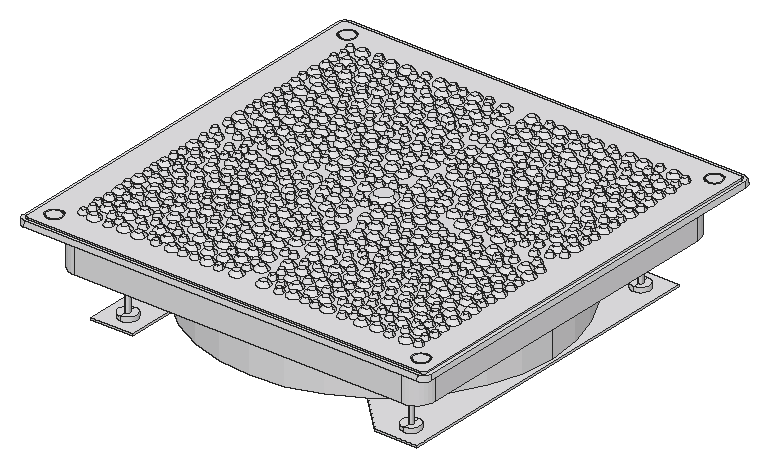
Revit family "Shower-Rainhead-KOHLER-REAL_RAIN-76728GL_1", category Plumbing Fixtures, host Face, Revit 2017 (continued)
Definition of nested family "76728GL"
  Forms (in)
    Blend 668, solid, detail levels medium+fine
      top sketch origin (3.20348, 2.40284, 0) x (1, 0, 0) y (0, 1, 0)
        loop
          circle (-7.85379, -7.80181) r 0.11854
      from 4.48819 to 4.64961
    Blend 669, solid, detail levels medium+fine
      base sketch origin (0.02641, 3.75143, 0) x (1, 0, 0) y (0, 1, 0)
        loop
          circle (-7.85379, -7.80181) r 0.19685
      top sketch origin (0.02641, 3.75143, 0) x (1, 0, 0) y (0, 1, 0)
        loop
          circle (-7.85379, -7.80181) r 0.11854
      from 4.48819 to 4.64961
    Blend 670, solid, detail levels medium+fine
      base sketch origin (-0.03152, 4.19496, 0) x (1, 0, 0) y (0, 1, 0)
        loop
          circle (-7.85379, -7.80181) r 0.19685
      top sketch origin (-0.03152, 4.19496, 0) x (1, 0, 0) y (0, 1, 0)
        loop
          circle (-7.85379, -7.80181) r 0.11854
      from 4.48819 to 4.64961
    Blend 671, solid, detail levels medium+fine
      base sketch origin (1.1112, 3.59888, 0) x (1, 0, 0) y (0, 1, 0)
        loop
          circle (-7.85379, -7.80181) r 0.19685
      top sketch origin (1.1112, 3.59888, 0) x (1, 0, 0) y (0, 1, 0)
        loop
          circle (-7.85379, -7.80181) r 0.11854
      from 4.48819 to 4.64961
    Blend 672, solid, detail levels medium+fine
      base sketch origin (1.374, 4.05406, 0) x (1, 0, 0) y (0, 1, 0)
        loop
          circle (-7.85379, -7.80181) r 0.19685
      top sketch origin (1.374, 4.05406, 0) x (1, 0, 0) y (0, 1, 0)
        loop
          circle (-7.85379, -7.80181) r 0.11854
      from 4.48819 to 4.64961
    Blend 673, solid, detail levels medium+fine
      base sketch origin (0.4834, 4.14767, 0) x (1, 0, 0) y (0, 1, 0)
        loop
          circle (-7.85379, -7.80181) r 0.19685
      top sketch origin (0.4834, 4.14767, 0) x (1, 0, 0) y (0, 1, 0)
        loop
          circle (-7.85379, -7.80181) r 0.11854
      from 4.48819 to 4.64961
    Blend 674, solid, detail levels medium+fine
      base sketch origin (1.88767, 4.44616, 0) x (1, 0, 0) y (0, 1, 0)
        loop
          circle (-7.85379, -7.80181) r 0.19685
      top sketch origin (1.88767, 4.44616, 0) x (1, 0, 0) y (0, 1, 0)
        loop
          circle (-7.85379, -7.80181) r 0.11854
      from 4.48819 to 4.64961
    Blend 675, solid, detail levels medium+fine
      base sketch origin (2.41602, 3.45247, 0) x (1, 0, 0) y (0, 1, 0)
        loop
          circle (-7.85379, -7.80181) r 0.19685
      top sketch origin (2.41602, 3.45247, 0) x (1, 0, 0) y (0, 1, 0)
        loop
          circle (-7.85379, -7.80181) r 0.11854
      from 4.48819 to 4.64961
    Blend 676, solid, detail levels medium+fine
      base sketch origin (2.75148, 3.87182, 0) x (1, 0, 0) y (0, 1, 0)
        loop
          circle (-7.85379, -7.80181) r 0.19685
      top sketch origin (2.75148, 3.87182, 0) x (1, 0, 0) y (0, 1, 0)
        loop
          circle (-7.85379, -7.80181) r 0.11854
      from 4.48819 to 4.64961
    Blend 677, solid, detail levels medium+fine
      base sketch origin (3.00528, 3.49882, 0) x (1, 0, 0) y (0, 1, 0)
        loop
          circle (-7.85379, -7.80181) r 0.19685
      top sketch origin (3.00528, 3.49882, 0) x (1, 0, 0) y (0, 1, 0)
        loop
          circle (-7.85379, -7.80181) r 0.11854
      from 4.48819 to 4.64961
    Blend 678, solid, detail levels medium+fine
      base sketch origin (3.70678, 3.43744, 0) x (1, 0, 0) y (0, 1, 0)
        loop
          circle (-7.85379, -7.80181) r 0.19685
      top sketch origin (3.70678, 3.43744, 0) x (1, 0, 0) y (0, 1, 0)
        loop
          circle (-7.85379, -7.80181) r 0.11854
      from 4.48819 to 4.64961
    Blend 679, solid, detail levels medium+fine
      base sketch origin (3.60389, 4.4163, 0) x (1, 0, 0) y (0, 1, 0)
        loop
          circle (-7.85379, -7.80181) r 0.19685
      top sketch origin (3.60389, 4.4163, 0) x (1, 0, 0) y (0, 1, 0)
        loop
          circle (-7.85379, -7.80181) r 0.11854
      from 4.48819 to 4.64961
    Blend 680, solid, detail levels medium+fine
      base sketch origin (0.59627, 4.78559, 0) x (1, 0, 0) y (0, 1, 0)
        loop
          circle (-7.85379, -7.80181) r 0.19685
      top sketch origin (0.59627, 4.78559, 0) x (1, 0, 0) y (0, 1, 0)
        loop
          circle (-7.85379, -7.80181) r 0.11854
      from 4.48819 to 4.64961
    Blend 681, solid, detail levels medium+fine
      base sketch origin (0.99196, 5.13207, 0) x (1, 0, 0) y (0, 1, 0)
        loop
          circle (-7.85379, -7.80181) r 0.19685
      top sketch origin (0.99196, 5.13207, 0) x (1, 0, 0) y (0, 1, 0)
        loop
          circle (-7.85379, -7.80181) r 0.11854
      from 4.48819 to 4.64961
    Blend 682, solid, detail levels medium+fine
      base sketch origin (0.40281, 5.20607, 0) x (1, 0, 0) y (0, 1, 0)
        loop
          circle (-7.85379, -7.80181) r 0.19685
      top sketch origin (0.40281, 5.20607, 0) x (1, 0, 0) y (0, 1, 0)
        loop
          circle (-7.85379, -7.80181) r 0.11854
      from 4.48819 to 4.64961
    Blend 683, solid, detail levels medium+fine
      base sketch origin (-0.04951, 5.35304, 0) x (1, 0, 0) y (0, 1, 0)
        loop
          circle (-7.85379, -7.80181) r 0.19685
      top sketch origin (-0.04951, 5.35304, 0) x (1, 0, 0) y (0, 1, 0)
        loop
          circle (-7.85379, -7.80181) r 0.11854
      from 4.48819 to 4.64961
    Blend 684, solid, detail levels medium+fine
      base sketch origin (0.00028, 5.82677, 0) x (1, 0, 0) y (0, 1, 0)
        loop
          circle (-7.85379, -7.80181) r 0.19685
      top sketch origin (0.00028, 5.82677, 0) x (1, 0, 0) y (0, 1, 0)
        loop
          circle (-7.85379, -7.80181) r 0.11854
      from 4.48819 to 4.64961
    Blend 685, solid, detail levels medium+fine
      base sketch origin (2.05966, 5.15764, 0) x (1, 0, 0) y (0, 1, 0)
        loop
          circle (-7.85379, -7.80181) r 0.19685
      top sketch origin (2.05966, 5.15764, 0) x (1, 0, 0) y (0, 1, 0)
        loop
          circle (-7.85379, -7.80181) r 0.11854
      from 4.48819 to 4.64961
    Blend 686, solid, detail levels medium+fine
      base sketch origin (2.77067, 5.89326, 0) x (1, 0, 0) y (0, 1, 0)
        loop
          circle (-7.85379, -7.80181) r 0.19685
      top sketch origin (2.77067, 5.89326, 0) x (1, 0, 0) y (0, 1, 0)
        loop
          circle (-7.85379, -7.80181) r 0.11854
      from 4.48819 to 4.64961
    Blend 687, solid, detail levels medium+fine
      base sketch origin (1.32569, 5.98286, 0) x (1, 0, 0) y (0, 1, 0)
        loop
          circle (-7.85379, -7.80181) r 0.19685
      top sketch origin (1.32569, 5.98286, 0) x (1, 0, 0) y (0, 1, 0)
        loop
          circle (-7.85379, -7.80181) r 0.11854
      from 4.48819 to 4.64961
    Blend 688, solid, detail levels medium+fine
      base sketch origin (0.42388, 6.04678, 0) x (1, 0, 0) y (0, 1, 0)
        loop
          circle (-7.85379, -7.80181) r 0.19685
      top sketch origin (0.42388, 6.04678, 0) x (1, 0, 0) y (0, 1, 0)
        loop
          circle (-7.85379, -7.80181) r 0.11854
      from 4.48819 to 4.64961
    Blend 689, solid, detail levels medium+fine
      base sketch origin (1.43404, 6.50201, 0) x (1, 0, 0) y (0, 1, 0)
        loop
          circle (-7.85379, -7.80181) r 0.19685
      top sketch origin (1.43404, 6.50201, 0) x (1, 0, 0) y (0, 1, 0)
        loop
          circle (-7.85379, -7.80181) r 0.11854
      from 4.48819 to 4.64961
    Blend 690, solid, detail levels medium+fine
      base sketch origin (1.76504, 6.833, 0) x (1, 0, 0) y (0, 1, 0)
        loop
          circle (-7.85379, -7.80181) r 0.19685
      top sketch origin (1.76504, 6.833, 0) x (1, 0, 0) y (0, 1, 0)
        loop
          circle (-7.85379, -7.80181) r 0.11854
      from 4.48819 to 4.64961
    Blend 691, solid, detail levels medium+fine
      base sketch origin (2.44141, 6.47587, 0) x (1, 0, 0) y (0, 1, 0)
        loop
          circle (-7.85379, -7.80181) r 0.19685
      top sketch origin (2.44141, 6.47587, 0) x (1, 0, 0) y (0, 1, 0)
        loop
          circle (-7.85379, -7.80181) r 0.11854
      from 4.48819 to 4.64961
    Blend 692, solid, detail levels medium+fine
      base sketch origin (2.85861, 6.34937, 0) x (1, 0, 0) y (0, 1, 0)
        loop
          circle (-7.85379, -7.80181) r 0.19685
      top sketch origin (2.85861, 6.34937, 0) x (1, 0, 0) y (0, 1, 0)
        loop
          circle (-7.85379, -7.80181) r 0.11854
      from 4.48819 to 4.64961
    Blend 693, solid, detail levels medium+fine
      base sketch origin (-0.03972, 7.08804, 0) x (1, 0, 0) y (0, 1, 0)
        loop
          circle (-7.85379, -7.80181) r 0.19685
      top sketch origin (-0.03972, 7.08804, 0) x (1, 0, 0) y (0, 1, 0)
        loop
          circle (-7.85379, -7.80181) r 0.11854
      from 4.48819 to 4.64961
    Blend 694, solid, detail levels medium+fine
      base sketch origin (0.38075, 7.44085, 0) x (1, 0, 0) y (0, 1, 0)
        loop
          circle (-7.85379, -7.80181) r 0.19685
      top sketch origin (0.38075, 7.44085, 0) x (1, 0, 0) y (0, 1, 0)
        loop
          circle (-7.85379, -7.80181) r 0.11854
      from 4.48819 to 4.64961
    Blend 695, solid, detail levels medium+fine
      base sketch origin (1.6519, 7.32964, 0) x (1, 0, 0) y (0, 1, 0)
        loop
          circle (-7.85379, -7.80181) r 0.19685
      top sketch origin (1.6519, 7.32964, 0) x (1, 0, 0) y (0, 1, 0)
        loop
          circle (-7.85379, -7.80181) r 0.11854
      from 4.48819 to 4.64961
    Blend 696, solid, detail levels medium+fine
      base sketch origin (3.12586, 7.37077, 0) x (1, 0, 0) y (0, 1, 0)
        loop
          circle (-7.85379, -7.80181) r 0.19685
      top sketch origin (3.12586, 7.37077, 0) x (1, 0, 0) y (0, 1, 0)
        loop
          circle (-7.85379, -7.80181) r 0.11854
      from 4.48819 to 4.64961
    Blend 697, solid, detail levels medium+fine
      base sketch origin (4.45686, 7.01413, 0) x (1, 0, 0) y (0, 1, 0)
        loop
          circle (-7.85379, -7.80181) r 0.19685
      top sketch origin (4.45686, 7.01413, 0) x (1, 0, 0) y (0, 1, 0)
        loop
          circle (-7.85379, -7.80181) r 0.11854
      from 4.48819 to 4.64961
    Blend 698, solid, detail levels medium+fine
      base sketch origin (3.94595, 6.87723, 0) x (1, 0, 0) y (0, 1, 0)
        loop
          circle (-7.85379, -7.80181) r 0.19685
      top sketch origin (3.94595, 6.87723, 0) x (1, 0, 0) y (0, 1, 0)
        loop
          circle (-7.85379, -7.80181) r 0.11854
      from 4.48819 to 4.64961
    Blend 699, solid, detail levels medium+fine
      base sketch origin (3.84341, 6.29565, 0) x (1, 0, 0) y (0, 1, 0)
        loop
          circle (-7.85379, -7.80181) r 0.19685
      top sketch origin (3.84341, 6.29565, 0) x (1, 0, 0) y (0, 1, 0)
        loop
          circle (-7.85379, -7.80181) r 0.11854
      from 4.48819 to 4.64961
    Blend 700, solid, detail levels medium+fine
      base sketch origin (6.1948, 7.1053, 0) x (1, 0, 0) y (0, 1, 0)
        loop
          circle (-7.85379, -7.80181) r 0.19685
      top sketch origin (6.1948, 7.1053, 0) x (1, 0, 0) y (0, 1, 0)
        loop
          circle (-7.85379, -7.80181) r 0.11854
      from 4.48819 to 4.64961
    Blend 701, solid, detail levels medium+fine
      base sketch origin (7.17172, 7.22525, 0) x (1, 0, 0) y (0, 1, 0)
        loop
          circle (-7.85379, -7.80181) r 0.19685
      top sketch origin (7.17172, 7.22525, 0) x (1, 0, 0) y (0, 1, 0)
        loop
          circle (-7.85379, -7.80181) r 0.11854
      from 4.48819 to 4.64961
    Blend 702, solid, detail levels medium+fine
      base sketch origin (6.65774, 7.08753, 0) x (1, 0, 0) y (0, 1, 0)
        loop
          circle (-7.85379, -7.80181) r 0.19685
      top sketch origin (6.65774, 7.08753, 0) x (1, 0, 0) y (0, 1, 0)
        loop
          circle (-7.85379, -7.80181) r 0.11854
      from 4.48819 to 4.64961
    Blend 703, solid, detail levels medium+fine
      base sketch origin (7.62193, 6.95649, 0) x (1, 0, 0) y (0, 1, 0)
        loop
          circle (-7.85379, -7.80181) r 0.19685
      top sketch origin (7.62193, 6.95649, 0) x (1, 0, 0) y (0, 1, 0)
        loop
          circle (-7.85379, -7.80181) r 0.11854
      from 4.48819 to 4.64961
    Blend 704, solid, detail levels medium+fine
      base sketch origin (6.11831, 6.19036, 0) x (1, 0, 0) y (0, 1, 0)
        loop
          circle (-7.85379, -7.80181) r 0.19685
      top sketch origin (6.11831, 6.19036, 0) x (1, 0, 0) y (0, 1, 0)
        loop
          circle (-7.85379, -7.80181) r 0.11854
      from 4.48819 to 4.64961
    Blend 705, solid, detail levels medium+fine
      base sketch origin (7.13072, 5.58205, 0) x (1, 0, 0) y (0, 1, 0)
        loop
          circle (-7.85379, -7.80181) r 0.19685
      top sketch origin (7.13072, 5.58205, 0) x (1, 0, 0) y (0, 1, 0)
        loop
          circle (-7.85379, -7.80181) r 0.11854
      from 4.48819 to 4.64961
    Blend 706, solid, detail levels medium+fine
      base sketch origin (5.44577, 6.12952, 0) x (1, 0, 0) y (0, 1, 0)
        loop
          circle (-7.85379, -7.80181) r 0.19685
      top sketch origin (5.44577, 6.12952, 0) x (1, 0, 0) y (0, 1, 0)
        loop
          circle (-7.85379, -7.80181) r 0.11854
      from 4.48819 to 4.64961
    Blend 707, solid, detail levels medium+fine
      base sketch origin (5.19714, 5.66191, 0) x (1, 0, 0) y (0, 1, 0)
        loop
          circle (-7.85379, -7.80181) r 0.19685
      top sketch origin (5.19714, 5.66191, 0) x (1, 0, 0) y (0, 1, 0)
        loop
          circle (-7.85379, -7.80181) r 0.11854
      from 4.48819 to 4.64961
    Blend 708, solid, detail levels medium+fine
      base sketch origin (4.68225, 5.41066, 0) x (1, 0, 0) y (0, 1, 0)
        loop
          circle (-7.85379, -7.80181) r 0.19685
      top sketch origin (4.68225, 5.41066, 0) x (1, 0, 0) y (0, 1, 0)
        loop
          circle (-7.85379, -7.80181) r 0.11854
      from 4.48819 to 4.64961
    Blend 709, solid, detail levels medium+fine
      base sketch origin (4.3512, 5.01612, 0) x (1, 0, 0) y (0, 1, 0)
        loop
          circle (-7.85379, -7.80181) r 0.19685
      top sketch origin (4.3512, 5.01612, 0) x (1, 0, 0) y (0, 1, 0)
        loop
          circle (-7.85379, -7.80181) r 0.11854
      from 4.48819 to 4.64961
    Blend 710, solid, detail levels medium+fine
      base sketch origin (3.63709, 5.5944, 0) x (1, 0, 0) y (0, 1, 0)
        loop
          circle (-7.85379, -7.80181) r 0.19685
      top sketch origin (3.63709, 5.5944, 0) x (1, 0, 0) y (0, 1, 0)
        loop
          circle (-7.85379, -7.80181) r 0.11854
      from 4.48819 to 4.64961
    Blend 711, solid, detail levels medium+fine
      base sketch origin (3.15174, 4.92637, 0) x (1, 0, 0) y (0, 1, 0)
        loop
          circle (-7.85379, -7.80181) r 0.19685
      top sketch origin (3.15174, 4.92637, 0) x (1, 0, 0) y (0, 1, 0)
        loop
          circle (-7.85379, -7.80181) r 0.11854
      from 4.48819 to 4.64961
    Blend 712, solid, detail levels medium+fine
      base sketch origin (4.00009, 3.84052, 0) x (1, 0, 0) y (0, 1, 0)
        loop
          circle (-7.85379, -7.80181) r 0.19685
      top sketch origin (4.00009, 3.84052, 0) x (1, 0, 0) y (0, 1, 0)
        loop
          circle (-7.85379, -7.80181) r 0.11854
      from 4.48819 to 4.64961
    Blend 713, solid, detail levels medium+fine
      base sketch origin (5.08661, 4.01261, 0) x (1, 0, 0) y (0, 1, 0)
        loop
          circle (-7.85379, -7.80181) r 0.19685
      top sketch origin (5.08661, 4.01261, 0) x (1, 0, 0) y (0, 1, 0)
        loop
          circle (-7.85379, -7.80181) r 0.11854
      from 4.48819 to 4.64961
    Blend 714, solid, detail levels medium+fine
      base sketch origin (5.76645, 3.94116, 0) x (1, 0, 0) y (0, 1, 0)
        loop
          circle (-7.85379, -7.80181) r 0.19685
      top sketch origin (5.76645, 3.94116, 0) x (1, 0, 0) y (0, 1, 0)
        loop
          circle (-7.85379, -7.80181) r 0.11854
      from 4.48819 to 4.64961
    Blend 715, solid, detail levels medium+fine
      base sketch origin (5.39187, 3.56657, 0) x (1, 0, 0) y (0, 1, 0)
        loop
          circle (-7.85379, -7.80181) r 0.19685
      top sketch origin (5.39187, 3.56657, 0) x (1, 0, 0) y (0, 1, 0)
        loop
          circle (-7.85379, -7.80181) r 0.11854
      from 4.48819 to 4.64961
    Blend 716, solid, detail levels medium+fine
      base sketch origin (6.17927, 3.56657, 0) x (1, 0, 0) y (0, 1, 0)
        loop
          circle (-7.85379, -7.80181) r 0.19685
      top sketch origin (6.17927, 3.56657, 0) x (1, 0, 0) y (0, 1, 0)
        loop
          circle (-7.85379, -7.80181) r 0.11854
      from 4.48819 to 4.64961
    Blend 717, solid, detail levels medium+fine
      base sketch origin (7.09044, 3.74369, 0) x (1, 0, 0) y (0, 1, 0)
        loop
          circle (-7.85379, -7.80181) r 0.19685
      top sketch origin (7.09044, 3.74369, 0) x (1, 0, 0) y (0, 1, 0)
        loop
          circle (-7.85379, -7.80181) r 0.11854
      from 4.48819 to 4.64961
    Blend 718, solid, detail levels medium+fine
      base sketch origin (7.54077, 3.66428, 0) x (1, 0, 0) y (0, 1, 0)
        loop
          circle (-7.85379, -7.80181) r 0.19685
      top sketch origin (7.54077, 3.66428, 0) x (1, 0, 0) y (0, 1, 0)
        loop
          circle (-7.85379, -7.80181) r 0.11854
      from 4.48819 to 4.64961
    Blend 719, solid, detail levels medium+fine
      base sketch origin (6.98399, 4.22106, 0) x (1, 0, 0) y (0, 1, 0)
        loop
          circle (-7.85379, -7.80181) r 0.19685
      top sketch origin (6.98399, 4.22106, 0) x (1, 0, 0) y (0, 1, 0)
        loop
          circle (-7.85379, -7.80181) r 0.11854
      from 4.48819 to 4.64961
    Blend 720, solid, detail levels medium+fine
      base sketch origin (7.21914, 4.62835, 0) x (1, 0, 0) y (0, 1, 0)
        loop
          circle (-7.85379, -7.80181) r 0.19685
      top sketch origin (7.21914, 4.62835, 0) x (1, 0, 0) y (0, 1, 0)
        loop
          circle (-7.85379, -7.80181) r 0.11854
      from 4.48819 to 4.64961
    Blend 721, solid, detail levels medium+fine
      base sketch origin (6.35688, 4.62835, 0) x (1, 0, 0) y (0, 1, 0)
        loop
          circle (-7.85379, -7.80181) r 0.19685
      top sketch origin (6.35688, 4.62835, 0) x (1, 0, 0) y (0, 1, 0)
        loop
          circle (-7.85379, -7.80181) r 0.11854
      from 4.48819 to 4.64961
    Blend 722, solid, detail levels medium+fine
      base sketch origin (5.25454, 4.53191, 0) x (1, 0, 0) y (0, 1, 0)
        loop
          circle (-7.85379, -7.80181) r 0.19685
      top sketch origin (5.25454, 4.53191, 0) x (1, 0, 0) y (0, 1, 0)
        loop
          circle (-7.85379, -7.80181) r 0.11854
      from 4.48819 to 4.64961
    Blend 723, solid, detail levels medium+fine
      base sketch origin (4.9788, 3.42599, 0) x (1, 0, 0) y (0, 1, 0)
        loop
          circle (-7.85379, -7.80181) r 0.19685
      top sketch origin (4.9788, 3.42599, 0) x (1, 0, 0) y (0, 1, 0)
        loop
          circle (-7.85379, -7.80181) r 0.11854
      from 4.48819 to 4.64961
    Blend 724, solid, detail levels medium+fine
      base sketch origin (4.07231, 4.39808, 0) x (1, 0, 0) y (0, 1, 0)
        loop
          circle (-7.85379, -7.80181) r 0.19685
      top sketch origin (4.07231, 4.39808, 0) x (1, 0, 0) y (0, 1, 0)
        loop
          circle (-7.85379, -7.80181) r 0.11854
      from 4.48819 to 4.64961
    Blend 725, solid, detail levels medium+fine
      base sketch origin (4.25708, 3.23152, 0) x (1, 0, 0) y (0, 1, 0)
        loop
          circle (-7.85379, -7.80181) r 0.19685
      top sketch origin (4.25708, 3.23152, 0) x (1, 0, 0) y (0, 1, 0)
        loop
          circle (-7.85379, -7.80181) r 0.11854
      from 4.48819 to 4.64961
    Blend 726, solid, detail levels medium+fine
      base sketch origin (4.06819, 2.71257, 0) x (1, 0, 0) y (0, 1, 0)
        loop
          circle (-7.85379, -7.80181) r 0.19685
      top sketch origin (4.06819, 2.71257, 0) x (1, 0, 0) y (0, 1, 0)
        loop
          circle (-7.85379, -7.80181) r 0.11854
      from 4.48819 to 4.64961
    Blend 727, solid, detail levels medium+fine
      base sketch origin (5.36187, 2.80303, 0) x (1, 0, 0) y (0, 1, 0)
        loop
          circle (-7.85379, -7.80181) r 0.19685
      top sketch origin (5.36187, 2.80303, 0) x (1, 0, 0) y (0, 1, 0)
        loop
          circle (-7.85379, -7.80181) r 0.11854
      from 4.48819 to 4.64961
    Blend 728, solid, detail levels medium+fine
      base sketch origin (3.46801, 1.75325, 0) x (1, 0, 0) y (0, 1, 0)
        loop
          circle (-7.85379, -7.80181) r 0.19685
      top sketch origin (3.46801, 1.75325, 0) x (1, 0, 0) y (0, 1, 0)
        loop
          circle (-7.85379, -7.80181) r 0.11854
      from 4.48819 to 4.64961
    Blend 729, solid, detail levels medium+fine
      base sketch origin (3.71758, 2.28847, 0) x (1, 0, 0) y (0, 1, 0)
        loop
          circle (-7.85379, -7.80181) r 0.19685
      top sketch origin (3.71758, 2.28847, 0) x (1, 0, 0) y (0, 1, 0)
        loop
          circle (-7.85379, -7.80181) r 0.11854
      from 4.48819 to 4.64961
    Blend 730, solid, detail levels medium+fine
      base sketch origin (5.07811, 1.6249, 0) x (1, 0, 0) y (0, 1, 0)
        loop
          circle (-7.85379, -7.80181) r 0.19685
      top sketch origin (5.07811, 1.6249, 0) x (1, 0, 0) y (0, 1, 0)
        loop
          circle (-7.85379, -7.80181) r 0.11854
      from 4.48819 to 4.64961
    Blend 731, solid, detail levels medium+fine
      base sketch origin (5.46194, 1.94697, 0) x (1, 0, 0) y (0, 1, 0)
        loop
          circle (-7.85379, -7.80181) r 0.19685
      top sketch origin (5.46194, 1.94697, 0) x (1, 0, 0) y (0, 1, 0)
        loop
          circle (-7.85379, -7.80181) r 0.11854
      from 4.48819 to 4.64961
    Blend 732, solid, detail levels medium+fine
      base sketch origin (6.49561, 2.20469, 0) x (1, 0, 0) y (0, 1, 0)
        loop
          circle (-7.85379, -7.80181) r 0.19685
      top sketch origin (6.49561, 2.20469, 0) x (1, 0, 0) y (0, 1, 0)
        loop
          circle (-7.85379, -7.80181) r 0.11854
      from 4.48819 to 4.64961
    Blend 733, solid, detail levels medium+fine
      base sketch origin (6.98682, 2.07307, 0) x (1, 0, 0) y (0, 1, 0)
        loop
          circle (-7.85379, -7.80181) r 0.19685
      top sketch origin (6.98682, 2.07307, 0) x (1, 0, 0) y (0, 1, 0)
        loop
          circle (-7.85379, -7.80181) r 0.11854
      from 4.48819 to 4.64961
    Blend 734, solid, detail levels medium+fine
      base sketch origin (4.64222, 1.78519, 0) x (1, 0, 0) y (0, 1, 0)
        loop
          circle (-7.85379, -7.80181) r 0.19685
      top sketch origin (4.64222, 1.78519, 0) x (1, 0, 0) y (0, 1, 0)
        loop
          circle (-7.85379, -7.80181) r 0.11854
      from 4.48819 to 4.64961
    Blend 735, solid, detail levels medium+fine
      base sketch origin (6.06948, 1.11965, 0) x (1, 0, 0) y (0, 1, 0)
        loop
          circle (-7.85379, -7.80181) r 0.19685
      top sketch origin (6.06948, 1.11965, 0) x (1, 0, 0) y (0, 1, 0)
        loop
          circle (-7.85379, -7.80181) r 0.11854
      from 4.48819 to 4.64961
    Blend 736, solid, detail levels medium+fine
      base sketch origin (5.09062, 1.01677, 0) x (1, 0, 0) y (0, 1, 0)
        loop
          circle (-7.85379, -7.80181) r 0.19685
      top sketch origin (5.09062, 1.01677, 0) x (1, 0, 0) y (0, 1, 0)
        loop
          circle (-7.85379, -7.80181) r 0.11854
      from 4.48819 to 4.64961
    Blend 737, solid, detail levels medium+fine
      base sketch origin (3.64343, 1.01677, 0) x (1, 0, 0) y (0, 1, 0)
        loop
          circle (-7.85379, -7.80181) r 0.19685
      top sketch origin (3.64343, 1.01677, 0) x (1, 0, 0) y (0, 1, 0)
        loop
          circle (-7.85379, -7.80181) r 0.11854
      from 4.48819 to 4.64961
    Blend 738, solid, detail levels medium+fine
      base sketch origin (3.18902, 1.27913, 0) x (1, 0, 0) y (0, 1, 0)
        loop
          circle (-7.85379, -7.80181) r 0.19685
      top sketch origin (3.18902, 1.27913, 0) x (1, 0, 0) y (0, 1, 0)
        loop
          circle (-7.85379, -7.80181) r 0.11854
      from 4.48819 to 4.64961
    Blend 739, solid, detail levels medium+fine
      base sketch origin (4.12496, 0.71675, 0) x (1, 0, 0) y (0, 1, 0)
        loop
          circle (-7.85379, -7.80181) r 0.19685
      top sketch origin (4.12496, 0.71675, 0) x (1, 0, 0) y (0, 1, 0)
        loop
          circle (-7.85379, -7.80181) r 0.11854
      from 4.48819 to 4.64961
    Blend 740, solid, detail levels medium+fine
      base sketch origin (7.25732, 1.04598, 0) x (1, 0, 0) y (0, 1, 0)
        loop
          circle (-7.85379, -7.80181) r 0.19685
      top sketch origin (7.25732, 1.04598, 0) x (1, 0, 0) y (0, 1, 0)
        loop
          circle (-7.85379, -7.80181) r 0.11854
      from 4.48819 to 4.64961
    Blend 741, solid, detail levels medium+fine
      base sketch origin (7.25732, 0.52471, 0) x (1, 0, 0) y (0, 1, 0)
        loop
          circle (-7.85379, -7.80181) r 0.19685
      top sketch origin (7.25732, 0.52471, 0) x (1, 0, 0) y (0, 1, 0)
        loop
          circle (-7.85379, -7.80181) r 0.11854
      from 4.48819 to 4.64961
    Blend 742, solid, detail levels medium+fine
      base sketch origin (5.26036, -0.04791, 0) x (1, 0, 0) y (0, 1, 0)
        loop
          circle (-7.85379, -7.80181) r 0.19685
      top sketch origin (5.26036, -0.04791, 0) x (1, 0, 0) y (0, 1, 0)
        loop
          circle (-7.85379, -7.80181) r 0.11854
      from 4.48819 to 4.64961
    Blend 743, solid, detail levels medium+fine
      base sketch origin (6.43984, -0.10973, 0) x (1, 0, 0) y (0, 1, 0)
        loop
          circle (-7.85379, -7.80181) r 0.19685
      top sketch origin (6.43984, -0.10973, 0) x (1, 0, 0) y (0, 1, 0)
        loop
          circle (-7.85379, -7.80181) r 0.11854
      from 4.48819 to 4.64961
    Blend 744, solid, detail levels medium+fine
      base sketch origin (6.67879, 0.30414, 0) x (1, 0, 0) y (0, 1, 0)
        loop
          circle (-7.85379, -7.80181) r 0.19685
      top sketch origin (6.67879, 0.30414, 0) x (1, 0, 0) y (0, 1, 0)
        loop
          circle (-7.85379, -7.80181) r 0.11854
      from 4.48819 to 4.64961
    Blend 745, solid, detail levels medium+fine
      base sketch origin (4.7533, -0.10513, 0) x (1, 0, 0) y (0, 1, 0)
        loop
          circle (-7.85379, -7.80181) r 0.19685
      top sketch origin (4.7533, -0.10513, 0) x (1, 0, 0) y (0, 1, 0)
        loop
          circle (-7.85379, -7.80181) r 0.11854
      from 4.48819 to 4.64961
    Blend 746, solid, detail levels medium+fine
      base sketch origin (3.48769, -0.10513, 0) x (1, 0, 0) y (0, 1, 0)
        loop
          circle (-7.85379, -7.80181) r 0.19685
      top sketch origin (3.48769, -0.10513, 0) x (1, 0, 0) y (0, 1, 0)
        loop
          circle (-7.85379, -7.80181) r 0.11854
      from 4.48819 to 4.64961
    Blend 747, solid, detail levels medium+fine
      base sketch origin (3.12201, 0.15093, 0) x (1, 0, 0) y (0, 1, 0)
        loop
          circle (-7.85379, -7.80181) r 0.19685
      top sketch origin (3.12201, 0.15093, 0) x (1, 0, 0) y (0, 1, 0)
        loop
          circle (-7.85379, -7.80181) r 0.11854
      from 4.48819 to 4.64961
    Blend 748, solid, detail levels medium+fine
      base sketch origin (1.39035, 0.04876, 0) x (1, 0, 0) y (0, 1, 0)
        loop
          circle (-7.30834, -7.84791) r 0.29156
      top sketch origin (1.39035, 0.04876, 0) x (1, 0, 0) y (0, 1, 0)
        loop
          circle (-7.30834, -7.84791) r 0.15606
      from 4.48819 to 4.65
    Blend 749, solid, detail levels medium+fine
      base sketch origin (2.52047, 5.48086, 0) x (1, 0, 0) y (0, 1, 0)
        loop
          circle (-7.30834, -7.84791) r 0.29156
      top sketch origin (2.52047, 5.48086, 0) x (1, 0, 0) y (0, 1, 0)
        loop
          circle (-7.30834, -7.84791) r 0.15606
      from 4.48819 to 4.65
    Blend 750, solid, detail levels medium+fine
      base sketch origin (2.53284, 5.24171, 0) x (1, 0, 0) y (0, 1, 0)
        loop
          circle (-7.85379, -7.80181) r 0.19685
      top sketch origin (2.53284, 5.24171, 0) x (1, 0, 0) y (0, 1, 0)
        loop
          circle (-7.85379, -7.80181) r 0.11854
      from 4.48819 to 4.64961
    Blend 751, solid, detail levels medium+fine
      base sketch origin (5.62798, 5.13362, 0) x (1, 0, 0) y (0, 1, 0)
        loop
          circle (-7.85379, -7.80181) r 0.19685
      top sketch origin (5.62798, 5.13362, 0) x (1, 0, 0) y (0, 1, 0)
        loop
          circle (-7.85379, -7.80181) r 0.11854
      from 4.48819 to 4.64961
    Blend 752, solid, detail levels medium+fine
      base sketch origin (5.22972, 5.78888, 0) x (1, 0, 0) y (0, 1, 0)
        loop
          circle (-7.30834, -7.84791) r 0.29156
      top sketch origin (5.22972, 5.78888, 0) x (1, 0, 0) y (0, 1, 0)
        loop
          circle (-7.30834, -7.84791) r 0.15606
      from 4.48819 to 4.65
    Blend 753, solid, detail levels medium+fine
      base sketch origin (5.71711, 5.30149, 0) x (1, 0, 0) y (0, 1, 0)
        loop
          circle (-7.30834, -7.84791) r 0.29156
      top sketch origin (5.71711, 5.30149, 0) x (1, 0, 0) y (0, 1, 0)
        loop
          circle (-7.30834, -7.84791) r 0.15606
      from 4.48819 to 4.65
    Blend 754, solid, detail levels medium+fine
      base sketch origin (6.28821, 5.03518, 0) x (1, 0, 0) y (0, 1, 0)
        loop
          circle (-7.30834, -7.84791) r 0.29156
      top sketch origin (6.28821, 5.03518, 0) x (1, 0, 0) y (0, 1, 0)
        loop
          circle (-7.30834, -7.84791) r 0.15606
      from 4.48819 to 4.65
    Blend 755, solid, detail levels medium+fine
      base sketch origin (4.5606, 6.6462, 0) x (1, 0, 0) y (0, 1, 0)
        loop
          circle (-7.30834, -7.84791) r 0.29156
      top sketch origin (4.5606, 6.6462, 0) x (1, 0, 0) y (0, 1, 0)
        loop
          circle (-7.30834, -7.84791) r 0.15606
      from 4.48819 to 4.65
    Blend 756, solid, detail levels medium+fine
      base sketch origin (6.15635, 5.93567, 0) x (1, 0, 0) y (0, 1, 0)
        loop
          circle (-7.30834, -7.84791) r 0.29156
      top sketch origin (6.15635, 5.93567, 0) x (1, 0, 0) y (0, 1, 0)
        loop
          circle (-7.30834, -7.84791) r 0.15606
      from 4.48819 to 4.65
    Blend 757, solid, detail levels medium+fine
      base sketch origin (5.32118, 6.77084, 0) x (1, 0, 0) y (0, 1, 0)
        loop
          circle (-7.30834, -7.84791) r 0.29156
      top sketch origin (5.32118, 6.77084, 0) x (1, 0, 0) y (0, 1, 0)
        loop
          circle (-7.30834, -7.84791) r 0.15606
      from 4.48819 to 4.65
    Blend 758, solid, detail levels medium+fine
      base sketch origin (6.00255, 6.58826, 0) x (1, 0, 0) y (0, 1, 0)
        loop
          circle (-7.30834, -7.84791) r 0.29156
      top sketch origin (6.00255, 6.58826, 0) x (1, 0, 0) y (0, 1, 0)
        loop
          circle (-7.30834, -7.84791) r 0.15606
      from 4.48819 to 4.65
    Blend 759, solid, detail levels medium+fine
      base sketch origin (6.81064, 6.12171, 0) x (1, 0, 0) y (0, 1, 0)
        loop
          circle (-7.30834, -7.84791) r 0.29156
      top sketch origin (6.81064, 6.12171, 0) x (1, 0, 0) y (0, 1, 0)
        loop
          circle (-7.30834, -7.84791) r 0.15606
      from 4.48819 to 4.65
    Blend 760, solid, detail levels medium+fine
      base sketch origin (6.6578, 6.69214, 0) x (1, 0, 0) y (0, 1, 0)
        loop
          circle (-7.30834, -7.84791) r 0.29156
      top sketch origin (6.6578, 6.69214, 0) x (1, 0, 0) y (0, 1, 0)
        loop
          circle (-7.30834, -7.84791) r 0.15606
      from 4.48819 to 4.65
    Blend 761, solid, detail levels medium+fine
      base sketch origin (5.16069, 7.32763, 0) x (1, 0, 0) y (0, 1, 0)
        loop
          circle (-7.30834, -7.84791) r 0.29156
      top sketch origin (5.16069, 7.32763, 0) x (1, 0, 0) y (0, 1, 0)
        loop
          circle (-7.30834, -7.84791) r 0.15606
      from 4.48819 to 4.65
    Blend 762, solid, detail levels medium+fine
      base sketch origin (4.48435, 7.28033, 0) x (1, 0, 0) y (0, 1, 0)
        loop
          circle (-7.30834, -7.84791) r 0.29156
      top sketch origin (4.48435, 7.28033, 0) x (1, 0, 0) y (0, 1, 0)
        loop
          circle (-7.30834, -7.84791) r 0.15606
      from 4.48819 to 4.65
    Blend 763, solid, detail levels medium+fine
      base sketch origin (1.17297, 7.07796, 0) x (1, 0, 0) y (0, 1, 0)
        loop
          circle (-7.85379, -7.80181) r 0.19685
      top sketch origin (1.17297, 7.07796, 0) x (1, 0, 0) y (0, 1, 0)
        loop
          circle (-7.85379, -7.80181) r 0.11854
      from 4.48819 to 4.64961
    Blend 764, solid, detail levels medium+fine
      base sketch origin (7.65763, 2.25778, 0) x (1, 0, 0) y (0, 1, 0)
        loop
          circle (-7.85379, -7.80181) r 0.19685
      top sketch origin (7.65763, 2.25778, 0) x (1, 0, 0) y (0, 1, 0)
        loop
          circle (-7.85379, -7.80181) r 0.11854
      from 4.48819 to 4.64961
    Blend 765, solid, detail levels medium+fine
      base sketch origin (7.17175, 4.88496, 0) x (1, 0, 0) y (0, 1, 0)
        loop
          circle (-7.30834, -7.84791) r 0.29156
      top sketch origin (7.17175, 4.88496, 0) x (1, 0, 0) y (0, 1, 0)
        loop
          circle (-7.30834, -7.84791) r 0.15606
      from 4.48819 to 4.65
    Blend 766, solid, detail levels medium+fine
      base sketch origin (7.17175, 5.58604, 0) x (1, 0, 0) y (0, 1, 0)
        loop
          circle (-7.30834, -7.84791) r 0.29156
      top sketch origin (7.17175, 5.58604, 0) x (1, 0, 0) y (0, 1, 0)
        loop
          circle (-7.30834, -7.84791) r 0.15606
      from 4.48819 to 4.65
    Blend 767, solid, detail levels medium+fine
      base sketch origin (7.16907, 0.8508, 0) x (1, 0, 0) y (0, 1, 0)
        loop
          circle (-7.30834, -7.84791) r 0.29156
      top sketch origin (7.16907, 0.8508, 0) x (1, 0, 0) y (0, 1, 0)
        loop
          circle (-7.30834, -7.84791) r 0.15606
      from 4.48819 to 4.65
    Blend 768, solid, detail levels medium+fine
      base sketch origin (-3.78378, -7.70382, 0) x (-1, 0, 0) y (0, -1, 0)
        loop
          circle (-7.30834, -7.84791) r 0.29156
      top sketch origin (-3.78378, -7.70382, 0) x (-1, 0, 0) y (0, -1, 0)
        loop
          circle (-7.30834, -7.84791) r 0.15606
      from 4.48819 to 4.65
    Blend 769, solid, detail levels medium+fine
      base sketch origin (-2.0547, -7.70262, 0) x (-1, 0, 0) y (0, -1, 0)
        loop
          circle (-7.30834, -7.84791) r 0.29156
      top sketch origin (-2.0547, -7.70262, 0) x (-1, 0, 0) y (0, -1, 0)
        loop
          circle (-7.30834, -7.84791) r 0.15606
      from 4.48819 to 4.65
    Blend 770, solid, detail levels medium+fine
      base sketch origin (-2.04581, -7.66017, 0) x (-1, 0, 0) y (0, -1, 0)
        loop
          circle (-7.85379, -7.80181) r 0.19685
      top sketch origin (-2.04581, -7.66017, 0) x (-1, 0, 0) y (0, -1, 0)
        loop
          circle (-7.85379, -7.80181) r 0.11854
      from 4.48819 to 4.64961
    Blend 771, solid, detail levels medium+fine
      base sketch origin (-5.53324, -7.82642, 0) x (-1, 0, 0) y (0, -1, 0)
        loop
          circle (-7.85379, -7.80181) r 0.19685
      top sketch origin (-5.53324, -7.82642, 0) x (-1, 0, 0) y (0, -1, 0)
        loop
          circle (-7.85379, -7.80181) r 0.11854
      from 4.48819 to 4.64961
    Blend 772, solid, detail levels medium+fine
      base sketch origin (-5.60731, -7.84791, 0) x (-1, 0, 0) y (0, -1, 0)
        loop
          circle (-7.30834, -7.84791) r 0.29156
      top sketch origin (-5.60731, -7.84791, 0) x (-1, 0, 0) y (0, -1, 0)
        loop
          circle (-7.30834, -7.84791) r 0.15606
      from 4.48819 to 4.65
    Blend 773, solid, detail levels medium+fine
      base sketch origin (-6.33185, -7.73316, 0) x (-1, 0, 0) y (0, -1, 0)
        loop
          circle (-7.30834, -7.84791) r 0.29156
      top sketch origin (-6.33185, -7.73316, 0) x (-1, 0, 0) y (0, -1, 0)
        loop
          circle (-7.30834, -7.84791) r 0.15606
      from 4.48819 to 4.65
    Blend 774, solid, detail levels medium+fine
      base sketch origin (-0.91298, -7.69184, 0) x (-1, 0, 0) y (0, -1, 0)
        loop
          circle (-7.85379, -7.80181) r 0.19685
      top sketch origin (-0.91298, -7.69184, 0) x (-1, 0, 0) y (0, -1, 0)
        loop
          circle (-7.85379, -7.80181) r 0.11854
      from 4.48819 to 4.64961
    Blend 775, solid, detail levels medium+fine
      base sketch origin (-0.08556, -7.80181, 0) x (1, 0, 0) y (0, 1, 0)
        loop
          circle (-7.85379, 7.80181) r 0.19685
      top sketch origin (-0.08556, -7.80181, 0) x (1, 0, 0) y (0, 1, 0)
        loop
          circle (-7.85379, 7.80181) r 0.11854
      from 4.48819 to 4.64961
    Blend 776, solid, detail levels medium+fine
      base sketch origin (1.47551, -7.80181, 0) x (1, 0, 0) y (0, 1, 0)
        loop
          circle (-7.85379, 7.80181) r 0.19685
      top sketch origin (1.47551, -7.80181, 0) x (1, 0, 0) y (0, 1, 0)
        loop
          circle (-7.85379, 7.80181) r 0.11854
      from 4.48819 to 4.64961
    Blend 777, solid, detail levels medium+fine
      base sketch origin (0, 0, 0) x (1, 0, 0) y (0, 1, 0)
        loop
          circle (0, 0) r 0.55118
      top sketch origin (0, 0, 0) x (1, 0, 0) y (0, 1, 0)
        loop
          circle (0, 0) r 0.3937
      from 4.48819 to 4.64961
    Extrusion 778, void
      sketch origin (0, 0, 0) x (1, 0, 0) y (0, 1, 0)
        loop
          circle (-8.59606, 8.58895) r 0.3937
        loop
          circle (-8.59606, 8.58895) r 0.33465
      from 4.475 to 4.525
    Extrusion 779, void
      sketch origin (0, 0, 0) x (-1, 0, 0) y (0, -1, 0)
        loop
          circle (-8.59606, -8.58895) r 0.3937
        loop
          circle (-8.59606, -8.58895) r 0.33465
      from 4.475 to 4.525
    Extrusion 780, void
      sketch origin (0, 0, 0) x (-1, 0, 0) y (0, -1, 0)
        loop
          circle (-8.59606, 8.58895) r 0.3937
        loop
          circle (-8.59606, 8.58895) r 0.33465
      from 4.475 to 4.525
    Extrusion 781, void
      sketch origin (0, 0, 0) x (1, 0, 0) y (0, 1, 0)
        loop
          circle (-8.59606, -8.58895) r 0.3937
        loop
          circle (-8.59606, -8.58895) r 0.33465
      from 4.475 to 4.525
    Extrusion 782, solid, material <- "Material", detail levels medium+fine
      sketch origin (0, 0, 0) x (1, 0, 0) y (0, 1, 0)
        loop
          line (7.6578, 8.5515) -> (-7.6578, 8.5515)
          arc (-7.6578, 8.5515) -> (-8.28974, 8.28974) -> (-8.5515, 7.6578) r 0.8937
          line (-8.5515, 7.6578) -> (-8.5515, -7.6578)
          arc (-8.5515, -7.6578) -> (-8.28974, -8.28974) -> (-7.6578, -8.5515) r 0.8937
          line (-7.6578, -8.5515) -> (7.6578, -8.5515)
          arc (7.6578, -8.5515) -> (8.28974, -8.28974) -> (8.5515, -7.6578) r 0.8937
          line (8.5515, -7.6578) -> (8.5515, 7.6578)
          arc (8.5515, 7.6578) -> (8.28974, 8.28974) -> (7.6578, 8.5515) r 0.8937
      from 2.271 to 4.275
    Extrusion 783, solid, material <- "Material", detail levels medium+fine
      sketch origin (0, 0, 0) x (1, 0, 0) y (0, 1, 0)
        loop
          circle (0, 0) r 7.87402
      from 0.46 to 2.271
    Revolve 784, solid, material <- "Material", detail levels medium+fine
      sketch origin (-6.6378, 7.10864, 48) x (0, -1, 0) y (0, 0, 1)
        loop
          line (0.41573, -45.729) -> (-0.42089, -45.729) -> (-0.42089, -46.20144)
          arc (-0.42089, -46.20144) -> (-0.32864, -46.42415) -> (-0.10593, -46.5164) r 0.31496
          line (-0.10593, -46.5164) -> (0.41573, -46.5164) -> (0.41573, -45.729)
        axis (0.41573, -46.5164) -> (0.41573, -45.729)
      angle from 0 to 360
    Revolve 785, solid, material <- "Material", detail levels medium+fine
      sketch origin (6.6378, 7.10864, 48) x (0, -1, 0) y (0, 0, -1)
        loop
          line (0.41573, 45.729) -> (0.41573, 46.5164) -> (-0.10593, 46.5164)
          arc (-0.10593, 46.5164) -> (-0.32864, 46.42415) -> (-0.42089, 46.20144) r 0.31496
          line (-0.42089, 46.20144) -> (-0.42089, 45.729) -> (0.41573, 45.729)
        axis (0.41573, 46.5164) -> (0.41573, 45.729)
      angle from 0 to 360
    Revolve 786, solid, material <- "Material", detail levels medium+fine
      sketch origin (-6.6378, -7.10864, 48) x (0, 1, 0) y (0, 0, -1)
        loop
          line (0.41573, 45.729) -> (0.41573, 46.5164) -> (-0.10593, 46.5164)
          arc (-0.10593, 46.5164) -> (-0.32864, 46.42415) -> (-0.42089, 46.20144) r 0.31496
          line (-0.42089, 46.20144) -> (-0.42089, 45.729) -> (0.41573, 45.729)
        axis (0.41573, 46.5164) -> (0.41573, 45.729)
      angle from 0 to 360
    Revolve 787, solid, material <- "Material", detail levels medium+fine
      sketch origin (6.6378, -7.10864, 48) x (0, 1, 0) y (0, 0, 1)
        loop
          line (0.41573, -45.729) -> (-0.42089, -45.729) -> (-0.42089, -46.20144)
          arc (-0.42089, -46.20144) -> (-0.32864, -46.42415) -> (-0.10593, -46.5164) r 0.31496
          line (-0.10593, -46.5164) -> (0.41573, -46.5164) -> (0.41573, -45.729)
        axis (0.41573, -46.5164) -> (0.41573, -45.729)
      angle from 0 to 360
    Extrusion 788, solid, material <- "Material", detail levels medium+fine
      sketch origin (0, 0, 0) x (1, 0, 0) y (0, 1, 0)
        loop
          line (7.6275, 7.71968) -> (5.65899, 7.71968) -> (5.65899, -3.12306)
          arc (5.65899, -3.12306) -> (5.53747, -3.30493) -> (5.32295, -3.26226) r 0.19685
          line (5.32295, -3.26226) -> (-5.65899, 7.71968) -> (-7.6275, 7.71968) -> (-7.6275, -7.63465) -> (-5.65899, -7.63465) -> (-5.65899, 3.2081)
          arc (-5.65899, 3.2081) -> (-5.53747, 3.38996) -> (-5.32295, 3.34729) r 0.19685
          line (-5.32295, 3.34729) -> (5.65899, -7.63465) -> (7.6275, -7.63465) -> (7.6275, 7.71968)
      from 0 to 0.08695
    Revolve 789, solid, material <- "Material", detail levels medium+fine
      sketch origin (-6.6378, 8.28974, 48) x (0, -1, 0) y (0, 0, 1)
        loop
          line (1.56932, -47.91305) -> (1.56932, -46.48202) -> (1.47289, -46.48202) -> (1.47289, -47.71619) -> (1.15101, -47.71619) -> (1.15101, -47.91305) -> (1.56932, -47.91305)
        axis (1.56932, -47.91305) -> (1.56932, -46.48202)
      angle from 0 to 360
    Revolve 790, solid, material <- "Material", detail levels medium+fine
      sketch origin (6.6378, 8.28974, 48) x (0, -1, 0) y (0, 0, -1)
        loop
          line (1.56932, 47.91305) -> (1.15101, 47.91305) -> (1.15101, 47.71619) -> (1.47289, 47.71619) -> (1.47289, 46.48202) -> (1.56932, 46.48202) -> (1.56932, 47.91305)
        axis (1.56932, 47.91305) -> (1.56932, 46.48202)
      angle from 0 to 360
    Revolve 791, solid, material <- "Material", detail levels medium+fine
      sketch origin (6.6378, -8.28974, 48) x (0, 1, 0) y (0, 0, 1)
        loop
          line (1.56932, -47.91305) -> (1.56932, -46.48202) -> (1.47289, -46.48202) -> (1.47289, -47.71619) -> (1.15101, -47.71619) -> (1.15101, -47.91305) -> (1.56932, -47.91305)
        axis (1.56932, -47.91305) -> (1.56932, -46.48202)
      angle from 0 to 360
    Revolve 792, solid, material <- "Material", detail levels medium+fine
      sketch origin (-6.6378, -8.28974, 48) x (0, 1, 0) y (0, 0, -1)
        loop
          line (1.56932, 47.91305) -> (1.15101, 47.91305) -> (1.15101, 47.71619) -> (1.47289, 47.71619) -> (1.47289, 46.48202) -> (1.56932, 46.48202) -> (1.56932, 47.91305)
        axis (1.56932, 47.91305) -> (1.56932, 46.48202)
      angle from 0 to 360
    Extrusion 793, solid, material <- "Material", detail levels medium+fine
      sketch origin (0, 0, 0) x (1, 0, 0) y (0, 1, 0)
        loop
          circle (-6.51833, 5) r 0.25
      from 0 to 0.08695
    Extrusion 794, solid, material <- "Material", detail levels coarse
      sketch origin (0, 0, -0.19685) x (1, 0, 0) y (0, 1, 0)
        loop
          line (7.6578, 8.5515) -> (-7.6578, 8.5515)
          arc (-7.6578, 8.5515) -> (-8.28974, 8.28974) -> (-8.5515, 7.6578) r 0.8937
          line (-8.5515, 7.6578) -> (-8.5515, -7.6578)
          arc (-8.5515, -7.6578) -> (-8.28974, -8.28974) -> (-7.6578, -8.5515) r 0.8937
          line (-7.6578, -8.5515) -> (7.6578, -8.5515)
          arc (7.6578, -8.5515) -> (8.28974, -8.28974) -> (8.5515, -7.6578) r 0.8937
          line (8.5515, -7.6578) -> (8.5515, 7.6578)
          arc (8.5515, 7.6578) -> (8.28974, 8.28974) -> (7.6578, 8.5515) r 0.8937
      from 0.28381 to 4.39185
  Cuts and joins
    Extrusion 778, Extrusion 779, Extrusion 780, Extrusion 781 cuts Extrusion 2
  Lines and regions (in)
    Masking region 1
      outline origin (0, 0, 0) x (1, 0, 0) y (0, 0, 1)
        loop
          line (9.59055, 4.195) -> (9.55752, 4.43) -> (9.37099, 4.43) -> (9.37099, 4.48819) -> (8.1347, 4.48819) -> (8.0356, 4.65) -> (-8.0356, 4.65) -> (-8.1347, 4.48819) -> (-9.37099, 4.48819) -> (-9.37099, 4.43) -> (-9.55752, 4.43) -> (-9.59055, 4.195) -> (-8.5515, 4.195) -> (-8.5515, 2.38911)
          arc (-8.5515, 2.38911) -> (-8.51691, 2.3056) -> (-8.43339, 2.271) r 0.11811
          line (-8.43339, 2.271) -> (-7.90967, 2.271) -> (-7.90967, 1.71887)
          arc (-7.90967, 1.71887) -> (-7.90058, 1.65397) -> (-7.87402, 1.59407) r 0.23622
          line (-7.87402, 1.59407) -> (-7.87402, 0.57811)
          arc (-7.87402, 0.57811) -> (-7.83942, 0.49459) -> (-7.75591, 0.46) r 0.11811
          line (-7.75591, 0.46) -> (-6.73422, 0.46) -> (-6.73422, 0.28381) -> (-7.05612, 0.28381) -> (-7.05612, 0.08695) -> (-7.6275, 0.08695) -> (-7.6275, 0) -> (7.6275, 0) -> (7.6275, 0.08695) -> (7.05612, 0.08695) -> (7.05612, 0.28381) -> (6.73422, 0.28381) -> (6.73422, 0.46) -> (7.75591, 0.46)
          arc (7.75591, 0.46) -> (7.83942, 0.49459) -> (7.87402, 0.57811) r 0.11811
          line (7.87402, 0.57811) -> (7.87402, 1.59407)
          arc (7.87402, 1.59407) -> (7.90058, 1.65397) -> (7.90967, 1.71887) r 0.23622
          line (7.90967, 1.71887) -> (7.90967, 2.271) -> (8.43339, 2.271)
          arc (8.43339, 2.271) -> (8.51691, 2.3056) -> (8.5515, 2.38911) r 0.11811
          line (8.5515, 2.38911) -> (8.5515, 4.195) -> (9.59055, 4.195)
        loop
          line (-6.21947, 0.08695) -> (6.21947, 0.08695) -> (6.21947, 0.28381) -> (6.54137, 0.28381) -> (6.54137, 0.46) -> (-6.54137, 0.46) -> (-6.54137, 0.28381) -> (-6.21947, 0.28381) -> (-6.21947, 0.08695)
    Masking region 2
      outline origin (0, 0, 0) x (0, 1, 0) y (0, 0, 1)
        loop
          line (-9.59055, 4.195) -> (-8.5515, 4.195) -> (-8.5515, 2.38911)
          arc (-8.5515, 2.38911) -> (-8.51691, 2.3056) -> (-8.43339, 2.271) r 0.11811
          line (-8.43339, 2.271) -> (-7.88189, 2.271) -> (-7.88189, 1.72143)
          arc (-7.88189, 1.72143) -> (-7.87991, 1.69093) -> (-7.87402, 1.66095) r 0.23622
          line (-7.87402, 1.66095) -> (-7.87402, 0.57811)
          arc (-7.87402, 0.57811) -> (-7.83942, 0.49459) -> (-7.75591, 0.46) r 0.11811
          line (-7.75591, 0.46) -> (-6.81685, 0.46) -> (-6.81685, 0.28381) -> (-7.13873, 0.28381) -> (-7.13873, 0.08695) -> (-7.6275, 0.08695) -> (-7.6275, 0) -> (7.6275, 0) -> (7.6275, 0.08695) -> (7.13873, 0.08695) -> (7.13873, 0.28381) -> (6.81685, 0.28381) -> (6.81685, 0.46) -> (7.75591, 0.46)
          arc (7.75591, 0.46) -> (7.83942, 0.49459) -> (7.87402, 0.57811) r 0.11811
          line (7.87402, 0.57811) -> (7.87402, 1.66095)
          arc (7.87402, 1.66095) -> (7.87991, 1.69093) -> (7.88189, 1.72143) r 0.23622
          line (7.88189, 1.72143) -> (7.88189, 2.271) -> (8.43339, 2.271)
          arc (8.43339, 2.271) -> (8.51691, 2.3056) -> (8.5515, 2.38911) r 0.11811
          line (8.5515, 2.38911) -> (8.5515, 4.195) -> (9.59055, 4.195) -> (9.55752, 4.43) -> (9.37099, 4.43) -> (9.37099, 4.48819) -> (8.1347, 4.48819) -> (8.0356, 4.65) -> (-8.0356, 4.65) -> (-8.1347, 4.48819) -> (-9.37099, 4.48819) -> (-9.37099, 4.43) -> (-9.55752, 4.43) -> (-9.59055, 4.195)
        loop
          line (6.30212, 0.08695) -> (6.30212, 0.28381) -> (6.62401, 0.28381) -> (6.62401, 0.46) -> (-6.62401, 0.46) -> (-6.62401, 0.28381) -> (-6.30212, 0.28381) -> (-6.30212, 0.08695) -> (6.30212, 0.08695)
    Masking region 3
      outline origin (0, 0, 0) x (1, 0, 0) y (0, 1, 0)
        loop
          arc (-9.59055, -9.19685) -> (-9.47524, -9.47524) -> (-9.19685, -9.59055) r 0.3937
          line (-9.19685, -9.59055) -> (9.19685, -9.59055)
          arc (9.19685, -9.59055) -> (9.47524, -9.47524) -> (9.59055, -9.19685) r 0.3937
          line (9.59055, -9.19685) -> (9.59055, 9.19685)
          arc (9.59055, 9.19685) -> (9.47524, 9.47524) -> (9.19685, 9.59055) r 0.3937
          line (9.19685, 9.59055) -> (-9.19685, 9.59055)
          arc (-9.19685, 9.59055) -> (-9.47524, 9.47524) -> (-9.59055, 9.19685) r 0.3937
          line (-9.59055, 9.19685) -> (-9.59055, -9.19685)
    symbolic lines, detail levels medium+fine
      curve 1: line (8.20235, 0, 4.48819) -> (-8.1347, 0, 4.48819)
      curve 2: line (-9.37099, 0, 4.43) -> (9.37099, 0, 4.43)
      curve 3: line (8.5515, 0, 4.195) -> (-8.5515, 0, 4.195)
      curve 4: line (7.90967, 0, 2.271) -> (-7.90967, 0, 2.271)
      curve 5: line (6.73422, 0, 0.46) -> (6.73422, 0, 1.48265)
      curve 6: line (6.54137, 0, 0.46) -> (6.54137, 0, 1.48265)
      curve 7: line (7.05612, 0, 0.08695) -> (6.21947, 0, 0.08695)
      curve 8: line (6.73422, 0, 0.28381) -> (6.54137, 0, 0.28381)
      curve 9: line (6.73422, 0, 1.48265) -> (7.67345, 0, 1.48265)
      curve 10: arc (7.67345, 0, 1.48265) -> (7.78817, 0, 1.51238) -> (7.87402, 0, 1.59407) r 0.23622
      curve 11: line (6.54137, 0, 1.48265) -> (5.60214, 0, 1.48265)
      curve 12: line (-6.73422, 0, 0.46) -> (-6.73422, 0, 1.48265)
      curve 13: line (-6.54137, 0, 0.46) -> (-6.54137, 0, 1.48265)
      curve 14: line (-7.05612, 0, 0.08695) -> (-6.21947, 0, 0.08695)
      curve 15: line (-6.73422, 0, 0.28381) -> (-6.54137, 0, 0.28381)
      curve 16: line (8.1347, 0, 4.48819) -> (7.9992, 0, 4.65)
      curve 17: line (7.52972, 0, 4.48819) -> (7.66521, 0, 4.65)
      curve 18: line (7.65665, 0, 4.48819) -> (7.73515, 0, 4.65)
      curve 19: line (7.9685, 0, 4.65) -> (8.104, 0, 4.48819)
      curve 20: line (7.50023, 0, 4.48819) -> (7.42173, 0, 4.65)
      curve 21: line (7.13728, 0, 4.65) -> (7.05878, 0, 4.48819)
      curve 22: line (7.17354, 0, 4.48819) -> (7.25185, 0, 4.64961)
      curve 23: line (7.4933, 0, 4.65) -> (7.55636, 0, 4.52001)
      curve 24: line (7.25185, 0, 4.64961) -> (7.17354, 0, 4.48819)
      curve 25: line (7.56932, 0, 4.65) -> (7.6045, 0, 4.57749)
      curve 26: line (7.37586, 0, 4.65) -> (7.45436, 0, 4.48819)
      curve 27: line (7.18117, 0, 4.65) -> (7.10267, 0, 4.48819)
      curve 28: line (7.4494, 0, 4.65) -> (7.55636, 0, 4.52001)
      curve 29: line (6.98678, 0, 4.65) -> (7.06203, 0, 4.49489)
      curve 30: line (7.13728, 0, 4.65) -> (7.03594, 0, 4.54867)
      curve 31: line (6.93549, 0, 4.65) -> (6.8, 0, 4.48819)
      curve 32: line (7.25185, 0, 4.64961) -> (7.38467, 0, 4.48819)
      curve 33: line (6.86093, 0, 4.65) -> (6.88828, 0, 4.59362)
      curve 34: line (6.77393, 0, 4.65) -> (6.8332, 0, 4.52784)
      curve 35: line (6.74347, 0, 4.65) -> (6.66497, 0, 4.48819)
      curve 36: line (6.52244, 0, 4.65) -> (6.65325, 0, 4.48819)
      curve 37: line (6.43424, 0, 4.65) -> (6.56506, 0, 4.48819)
      curve 38: line (6.40975, 0, 4.65) -> (6.33125, 0, 4.48819)
      curve 39: line (6.30139, 0, 4.65) -> (6.22289, 0, 4.48819)
      curve 40: line (6.70246, 0, 4.65) -> (6.61087, 0, 4.54062)
      curve 41: line (6.20729, 0, 4.64961) -> (6.07212, 0, 4.48819)
      curve 42: line (6.20729, 0, 4.64961) -> (6.25425, 0, 4.55282)
      curve 43: line (6.32023, 0, 4.65) -> (6.36499, 0, 4.55774)
      curve 44: line (6.08353, 0, 4.65) -> (6.00503, 0, 4.48819)
      curve 45: line (5.95407, 0, 4.65) -> (6.0188, 0, 4.51657)
      curve 46: line (5.91248, 0, 4.65) -> (5.99098, 0, 4.48819)
      curve 47: line (5.74351, 0, 4.65) -> (5.66501, 0, 4.48819)
      curve 48: line (5.77761, 0, 4.65) -> (5.85611, 0, 4.48819)
      curve 49: line (5.84777, 0, 4.65) -> (5.81269, 0, 4.57769)
      curve 50: line (5.71718, 0, 4.64961) -> (5.63887, 0, 4.48819)
      curve 51: line (5.67578, 0, 4.65) -> (5.59728, 0, 4.48819)
      curve 52: line (5.53072, 0, 4.65) -> (5.60325, 0, 4.5005)
      curve 53: line (5.49442, 0, 4.65) -> (5.35926, 0, 4.48819)
      curve 54: line (5.22376, 0, 4.65) -> (5.35926, 0, 4.48819)
      curve 55: line (5.2024, 0, 4.64961) -> (5.12409, 0, 4.48819)
      curve 56: line (4.98241, 0, 4.65) -> (5.11791, 0, 4.48819)
      curve 57: line (4.98241, 0, 4.65) -> (4.90391, 0, 4.48819)
      curve 58: line (5.33512, 0, 4.65) -> (5.29427, 0, 4.5658)
      curve 59: line (7.89125, 0, 4.64961) -> (7.96956, 0, 4.48819)
      curve 60: line (4.8989, 0, 4.48819) -> (4.7634, 0, 4.65)
      curve 61: line (4.29392, 0, 4.48819) -> (4.42941, 0, 4.65)
      curve 62: line (4.42085, 0, 4.48819) -> (4.49916, 0, 4.64961)
      curve 63: line (4.7327, 0, 4.65) -> (4.8682, 0, 4.48819)
      curve 64: line (4.26443, 0, 4.48819) -> (4.18612, 0, 4.64961)
      curve 65: line (3.90148, 0, 4.65) -> (3.82298, 0, 4.48819)
      curve 66: line (3.93774, 0, 4.48819) -> (4.01605, 0, 4.64961)
      curve 67: line (4.2575, 0, 4.65) -> (4.32056, 0, 4.52001)
      curve 68: line (4.01605, 0, 4.64961) -> (3.93774, 0, 4.48819)
      curve 69: line (4.33371, 0, 4.64961) -> (4.3687, 0, 4.57749)
      curve 70: line (4.14025, 0, 4.64961) -> (4.21856, 0, 4.48819)
      curve 71: line (3.94537, 0, 4.65) -> (3.86687, 0, 4.48819)
      curve 72: line (4.2136, 0, 4.65) -> (4.32056, 0, 4.52001)
      curve 73: line (3.75117, 0, 4.64961) -> (3.82623, 0, 4.49489)
      curve 74: line (3.90148, 0, 4.65) -> (3.80014, 0, 4.54867)
      curve 75: line (3.69969, 0, 4.65) -> (3.5642, 0, 4.48819)
      curve 76: line (4.01605, 0, 4.64961) -> (4.14887, 0, 4.48819)
      curve 77: line (3.62532, 0, 4.64961) -> (3.65248, 0, 4.59362)
      curve 78: line (3.53833, 0, 4.64961) -> (3.5974, 0, 4.52784)
      curve 79: line (3.50748, 0, 4.64961) -> (3.42917, 0, 4.48819)
      curve 80: line (3.28664, 0, 4.65) -> (3.41745, 0, 4.48819)
      curve 81: line (3.19844, 0, 4.65) -> (3.32926, 0, 4.48819)
      curve 82: line (3.17376, 0, 4.64961) -> (3.09545, 0, 4.48819)
      curve 83: line (3.0654, 0, 4.64961) -> (2.98709, 0, 4.48819)
      curve 84: line (3.46666, 0, 4.65) -> (3.37507, 0, 4.54062)
      curve 85: line (2.97149, 0, 4.64961) -> (2.83632, 0, 4.48819)
      curve 86: line (2.97149, 0, 4.64961) -> (3.01845, 0, 4.55282)
      curve 87: line (3.08462, 0, 4.64961) -> (3.12919, 0, 4.55774)
      curve 88: line (2.84754, 0, 4.64961) -> (2.76923, 0, 4.48819)
      curve 89: line (2.71846, 0, 4.64961) -> (2.783, 0, 4.51657)
      curve 90: line (2.67687, 0, 4.64961) -> (2.75518, 0, 4.48819)
      curve 91: line (2.50771, 0, 4.65) -> (2.42921, 0, 4.48819)
      curve 92: line (2.542, 0, 4.64961) -> (2.62031, 0, 4.48819)
      curve 93: line (2.61178, 0, 4.64961) -> (2.57689, 0, 4.57769)
      curve 94: line (2.48138, 0, 4.64961) -> (2.40307, 0, 4.48819)
      curve 95: line (2.43979, 0, 4.64961) -> (2.36148, 0, 4.48819)
      curve 96: line (2.29512, 0, 4.64961) -> (2.36745, 0, 4.5005)
      curve 97: line (2.25862, 0, 4.65) -> (2.12346, 0, 4.48819)
      curve 98: line (1.98796, 0, 4.65) -> (2.12346, 0, 4.48819)
      curve 99: line (1.9666, 0, 4.64961) -> (1.88829, 0, 4.48819)
      curve 100: line (1.74661, 0, 4.65) -> (1.88211, 0, 4.48819)
      curve 101: line (1.74661, 0, 4.65) -> (1.66811, 0, 4.48819)
      curve 102: line (2.09913, 0, 4.64961) -> (2.05847, 0, 4.5658)
      curve 103: line (4.65545, 0, 4.64961) -> (4.73376, 0, 4.48819)
      curve 104: line (1.61079, 0, 4.48819) -> (1.4753, 0, 4.65)
      curve 105: line (1.00581, 0, 4.48819) -> (1.14131, 0, 4.65)
      curve 106: line (1.13275, 0, 4.48819) -> (1.21106, 0, 4.64961)
      curve 107: line (1.4446, 0, 4.65) -> (1.58009, 0, 4.48819)
      curve 108: line (0.97633, 0, 4.48819) -> (0.89802, 0, 4.64961)
      curve 109: line (0.61337, 0, 4.65) -> (0.53812, 0, 4.49489)
      curve 110: line (0.64963, 0, 4.48819) -> (0.72794, 0, 4.64961)
      curve 111: line (0.96939, 0, 4.65) -> (1.03246, 0, 4.52001)
      curve 112: line (0.72794, 0, 4.64961) -> (0.64963, 0, 4.48819)
      curve 113: line (1.04561, 0, 4.64961) -> (1.08059, 0, 4.57749)
      curve 114: line (0.85215, 0, 4.64961) -> (0.93046, 0, 4.48819)
      curve 115: line (0.65726, 0, 4.65) -> (0.57876, 0, 4.48819)
      curve 116: line (0.9255, 0, 4.65) -> (1.03246, 0, 4.52001)
      curve 117: line (0.46307, 0, 4.64961) -> (0.53812, 0, 4.49489)
      curve 118: line (0.61337, 0, 4.65) -> (0.51204, 0, 4.54867)
      curve 119: line (0.41159, 0, 4.65) -> (0.27609, 0, 4.48819)
      curve 120: line (0.72794, 0, 4.64961) -> (0.86076, 0, 4.48819)
